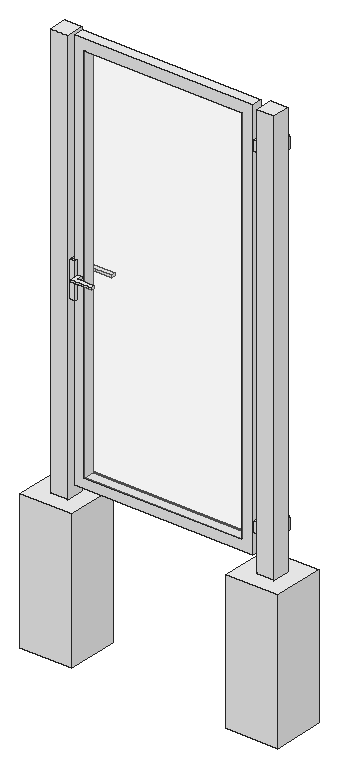
Revit family "NBS_BetafenceLimited_SStlGts_SecuriforSingleLeaf", category Doors, host Face, Revit 2017
Family settings
  Host = Face
  OmniClass Number = 23.11.25.15.17
  Cut with Voids When Loaded = No
  Shared = No
  Room Calculation Point = No
Parameters
  WidthOptions = "2000 mm, 3000 mm, 4000 mm, 5000 mm, 6000 mm, 7000 mm, 8000 mm"
  Width = 1300 mm
  WarrantyStartDate [instance] = "1900-12-31T23:59:59"
  WarrantyGuarantorParts = "n/a"
  WarrantyGuarantorLabor = "n/a"
  WarrantyDurationUnit = "year"
  WarrantyDurationParts = "n/a"
  WarrantyDurationLabor = "n/a"
  WarrantyDescription = "n/a"
  Version = "1"  # constant formula
  UpperHingeOffset = 180 mm
  Uniclass2015Version = "Products v1.6"
  Uniclass2015Title = "Stainless steel gates"
  Uniclass2015Code = "Pr_30_59_34_80"
  ThermalTransmittance = 0
  TagNumber [instance] = "n/a"
  SustainabilityPerformance = "n/a"
  SmokeStop = no
  Size = "To be taken from CAD"
  Shape = "n/a"
  SerialNumber [instance] = "n/a"
  SelfClosing = no
  SecurityRating = "n/a"
  SecurityLevel = "n/a"
  Revision = "n/a"
  ReplacementCost = "n/a"
  Reference = "n/a"
  ProductInformation = "//www.betafence.com/en/securifor-gates"
  Posts = "n/a"
  NominalWidth = Width - PostWidth * 2  # 1100 mm
  NominalLength = 0 mm
  NominalHeight = Height  # 2400 mm
  Name = "StainlessSteelGates_SecuriforDoubleLeaf_BetafenceLimited"
  NBSTypeID = "n/a"
  NBSReference = "45-25-35/313"
  NBSOfficeMasterTag = "n/a"
  NBSNote = "n/a"
  NBSDescription = "Stainless steel gates"
  NBSCertification = "www.nationalbimlibrary.com/cert/metsbjr0"
  ModelReference = "Securifor Double Leaf"
  ModelNumber = "n/a"
  Material = "Type S235 JRH class 1, in accordance with EN 10219-1"
  ManufacturerURL = "www.betafence.co.uk"
  ManufacturerName = "Betafence Limited"  # constant formula
  Manufacturer = "sales.sheffield@betafence.com"  # constant formula
  LowerHingeOffset = 170 mm
  LeafFrameThickness = 60 mm  # constant formula
  IsExternal = yes
  InstallationDate [instance] = "1900-12-31T23:59:59"
  Infiltration = 0
  IfcExportType = "GATE"  # constant formula
  IfcExportAs = "IfcDoorType"  # constant formula
  HeightOptions = "1000 mm, 1200 mm, 1500 mm, 1800 mm, 2000 mm, 2400 mm"
  HasFoundation [instance] = yes
  HardwareSecuring = "Gate latches and catches"
  HardwareOperating = "n/a"
  HardwareHinges = "n/a"
  HandicapAccessible = no
  Grade = "n/a"
  GlazingAreaFraction = 0
  GateLeaves = "n/a"
  FireRating = "n/a"
  FireExit = no
  FinishLayerThickness [instance] = 20 mm
  PostMountDepth = 750 mm
  PostLeafGap = 40 mm  # constant formula
  Operation = "DOUBLE_DOOR_SINGLE_SWING"
  LeafWidth [instance] = Width - PostWidth * 2 - 20 mm - PostLeafGap / 2  # 1060 mm
  LeafThickness = 60 mm
  LeafMaterial = NBS_BetafenceLimited_MtlMeshPnlFncngSym_Securifor358_Panel
  PostWidth = 100 mm  # constant formula
  PostThickness = 100 mm  # constant formula
  Height = 2400 mm
  Function = 1
  Frame/MullionMaterial = NBS_Concept
  FoundationWidth [instance] = 300 mm
  FoundationMaterial = NBS_Concept
  FoundationDepth [instance] = 800 mm
  Finish = "Polyester coating"
  Features = "n/a"
  ExpectedLife = "n/a"
  DurationUnit = "year"
  Diameter = 0 mm
  Description = "Swing gate"
  Default Elevation = 0 mm
  Construction Type = "HIGH_GRADE_STEEL"
  Constituents = "n/a"
  Color = "Green (RAL 6005), black (RAL 9005)"
  CodePerformance = "CE Marking"
  Category = "Pr_30_59_34_80: Stainless steel gates"
  BarCode [instance] = "n/a"
  BIMObjectName = "NBS_BetafenceLimited_StainlessSteelGates_SecuriforDoubleLeaf"
  Author = "NBS"  # constant formula
  AssetType = "Fixed"
  AssetIdentifier [instance] = "n/a"
  Applications = "n/a"
  AcousticRating = "n/a"
  AccessibilityPerformance = "n/a"
  AccessControl = "n/a"
Reference planes
  plane 1 "Center (Front/Back)": y = 0
  plane 2: z = 0
  plane 3 "Center (Left/Right)": x = 0
  plane 4: x = -650
  plane 5: x = 650
  plane 6: x = -550
  plane 7: x = 550
  plane 8: y = 50
  plane 9: y = -50
  plane 10: z = -750
  plane 11: z = 2400
  plane 12: z = 50
  plane 13: x = 510
  plane 14: y = 31
  plane 15: y = -29
  plane 16: z = -20
  plane 17: z = -820
  plane 18 "LatchPostCL": x = -600
  plane 19 "HingePostCL": x = 600
  plane 20: x = -750
  plane 21: x = -450
  plane 22: y = 150
  plane 23: y = -150
  plane 24: x = 750
  plane 25: x = 450
  plane 26: z = 1230
  plane 27: z = 1025
  plane 28: y = 1218
  plane 29: z = 2340
  plane 30: x = 450
  plane 31: z = 110
  plane 32: y = -42
  plane 33: x = 543
  plane 34: x = 571
  plane 35: x = 629
  plane 36: y = 78
  plane 37: y = 107
  plane 38: z = 170
  plane 39: z = 230
  plane 40: z = 2220
  plane 41: z = 2160
  plane 42: x = 537
  plane 43: z = 200
  plane 44: z = 2190
  plane 45: x = 552
  plane 46: x = 492
  plane 47: y = 158
  plane 48: y = -84
  plane 49: y = 86
  plane 50: y = -63
  plane 51: y = 65
  plane 52: x = -495
  plane 53: z = 1150
  plane 54: z = 1157
  plane 55: z = 1143
  plane 56: x = -484
  plane 57: x = -506
  plane 58: x = -387
  plane 59: x = -530
  plane 60: x = -470
  plane 61: x = -545
  plane 62: x = -516
  plane 63: y = 49
  plane 64: z = -167
  plane 65: z = 373
  plane 66: z = 348
  plane 67: y = -16
  plane 68: y = 62
  plane 69: x = -552
  plane 70: y = 1
  plane 71: y = 37
  plane 72: y = -35
  plane 73: x = 600
Forms (mm)
  Extrusion 1, solid, material "NBS_Concept" <- "Frame/MullionMaterial"
    sketch origin (0, 0, 0) x (1, 0, 0) y (0, 1, 0)
      loop
        line (-650, 50) -> (-650, -50) -> (-550, -50) -> (-550, 50) -> (-650, 50)
      loop
        line (550, 50) -> (550, -50) -> (650, -50) -> (650, 50) -> (550, 50)
    from -750 to 2400
  Extrusion 2, solid, material "NBS_Concept" <- "Frame/MullionMaterial", detail levels medium+fine
    sketch origin (0, 0, 0) x (1, 0, 0) y (0, 0, 1)
      loop
        line (-530, 2400) -> (-530, 50) -> (510, 50) -> (510, 2400) -> (-530, 2400)
      loop
        line (-470, 110) -> (450, 110) -> (450, 2340) -> (-470, 2340) -> (-470, 110)
    from -31 to 29
  Extrusion 3, void
    sketch origin (0, 0, 0) x (1, 0, 0) y (0, 1, 0)
      loop
        line (-650, 50) -> (-650, -50) -> (-550, -50) -> (-550, 50) -> (-650, 50)
      loop
        line (550, 50) -> (550, -50) -> (650, -50) -> (650, 50) -> (550, 50)
    from -750 to 0
  Extrusion 4, void
    sketch origin (0, 0, 0) x (1, 0, 0) y (0, 1, 0)
      loop
        line (-750, 150) -> (-750, -150) -> (-450, -150) -> (-450, 150) -> (-750, 150)
      loop
        line (450, 150) -> (450, -150) -> (750, -150) -> (750, 150) -> (450, 150)
    from -820 to -20
  Extrusion 5, solid, material "NBS_Concept" <- "FoundationMaterial", visible <- "HasFoundation"
    sketch origin (0, 0, 0) x (1, 0, 0) y (0, 1, 0)
      loop
        line (-750, 150) -> (-750, -150) -> (-450, -150) -> (-450, 150) -> (-750, 150)
      loop
        line (450, 150) -> (450, -150) -> (750, -150) -> (750, 150) -> (450, 150)
    from -820 to -20
  Extrusion 6, solid, material "NBS_BetafenceLimited_MtlMeshPnlFncngSym_Securifor358_Panel" <- "LeafMaterial", detail levels coarse
    sketch origin (0, 0, 0) x (1, 0, 0) y (0, 0, 1)
      loop
        line (-530, 2400) -> (-530, 50) -> (510, 50) -> (510, 2400) -> (-530, 2400)
    from -31 to 29
  Extrusion 7, solid, material "NBS_Concept" <- "Frame/MullionMaterial", detail levels medium+fine
    sketch origin (0, 0, 0) x (1, 0, 0) y (0, 1, 0)
      loop
        line (510, 31) -> (510, -29) -> (543, -29) -> (543, 107) -> (537, 107) -> (510, 31)
    from 170 to 230
  Extrusion 8, solid, material "NBS_Concept" <- "Frame/MullionMaterial", detail levels medium+fine
    sketch origin (0, 0, 0) x (1, 0, 0) y (0, 1, 0)
      loop
        line (537, 107) -> (510, 31) -> (510, -29) -> (543, -29) -> (543, 107) -> (537, 107)
    from 2160 to 2220
  Extrusion 9, solid, material "NBS_Concept" <- "Frame/MullionMaterial", detail levels medium+fine
    sketch origin (0, 0, 0) x (0, 1, 0) y (0, 0, 1)
      loop
        circle (78, 200) r 8
    from 510 to 600
  Extrusion 10, solid, material "NBS_Concept" <- "Frame/MullionMaterial", detail levels medium+fine
    sketch origin (0, 0, 0) x (0, 1, 0) y (0, 0, 1)
      loop
        circle (78, 2190) r 8
    from 510 to 600
  Extrusion 11, solid, material "NBS_Concept" <- "Frame/MullionMaterial", detail levels medium+fine
    sketch origin (0, 0, 0) x (1, 0, 0) y (0, 1, 0)
      loop
        line (-484, -63) -> (-484, 65) -> (-387, 65) -> (-387, 86) -> (-506, 86) -> (-506, -84) -> (-387, -84) -> (-387, -63) -> (-484, -63)
    from 1143 to 1157
  Extrusion 12, solid, material "NBS_Concept" <- "Frame/MullionMaterial", detail levels medium+fine
    sketch origin (0, 0, 0) x (1, 0, 0) y (0, 1, 0)
      loop
        line (-545, 31) -> (-550, 31) -> (-550, -42) -> (-516, -42) -> (-516, -29) -> (-545, -29) -> (-545, 31)
    from 1025 to 1230
  Extrusion 13, solid, material "NBS_BetafenceLimited_MtlMeshPnlFncngSym_Securifor358_Panel" <- "LeafMaterial", detail levels medium+fine
    sketch origin (0, 0, 0) x (1, 0, 0) y (0, 0, 1)
      loop
        line (450, 2340) -> (-470, 2340) -> (-470, 110) -> (450, 110) -> (450, 2340)
    from -37 to 35
  Extrusion 14, solid, material "NBS_Concept" <- "Frame/MullionMaterial", detail levels medium
    sketch origin (0, 0, 0) x (1, 0, 0) y (0, 1, 0)
      loop
        line (571, 107) -> (571, 50) -> (629, 50) -> (629, 107) -> (571, 107)
    from 170 to 230
  Extrusion 15, solid, material "NBS_Concept" <- "Frame/MullionMaterial", detail levels medium
    sketch origin (0, 0, 0) x (1, 0, 0) y (0, 1, 0)
      loop
        line (571, 107) -> (571, 50) -> (629, 50) -> (629, 107) -> (571, 107)
    from 2160 to 2220
  Extrusion 16, solid, material "NBS_Concept" <- "Frame/MullionMaterial", detail levels fine
    sketch origin (0, 0, 0) x (1, 0, 0) y (0, 1, 0)
      loop
        line (571, 50) -> (629, 50) -> (629, 78)
        arc (629, 78) -> (600, 107) -> (571, 78) r 29
        line (571, 78) -> (571, 50)
    from 170 to 230
  Extrusion 17, solid, material "NBS_Concept" <- "Frame/MullionMaterial", detail levels fine
    sketch origin (0, 0, 0) x (1, 0, 0) y (0, 1, 0)
      loop
        line (571, 50) -> (629, 50) -> (629, 78)
        arc (629, 78) -> (600, 107) -> (571, 78) r 29
        line (571, 78) -> (571, 50)
    from 2160 to 2220
Cuts and joins
  Extrusion 3 cuts Extrusion 5
Lines and regions (mm)
  symbolic lines, style "DoorsPanelProjection", detail levels medium+fine
    curve 1: line (552, 1218, 0) -> (552, 158, 0)
    curve 2: line (552, 1218, 0) -> (492, 1218, 0)
    curve 3: line (492, 1218, 0) -> (492, 158, 0)
    curve 4: line (492, 158, 0) -> (552, 158, 0)
  symbolic lines, style "Plan Swing", detail levels medium+fine
    curve 5: arc (-530, 31, 0) -> (-280.969, 850.054, 0) -> (492, 1218, 0) r 1060
  symbolic lines, style "Plan Swing", detail levels coarse
    curve 6: arc (600, 1218, 0) -> (-215.941, 874.141, 0) -> (-539.656, 50, 0) r 1140
  symbolic lines, style "DoorsPanelProjection", detail levels coarse
    curve 7: line (600, 1218, 0) -> (600, 50, 0)
Dimensions and locks
  equal spacing: plane 8, plane 1 "Center (Front/Back)", plane 9
  "PostThickness": plane 8 to plane 9
  "PostMountDepth": plane 2 to plane 10
  "Height": plane 11 to plane 2
  "PostLeafGap": plane 7 to plane 13
  "PostWidth": plane 6 to plane 4
  "PostWidth": plane 7 to plane 5
  "Width": plane 5 to plane 4
  equal spacing: plane 5, plane 3 "Center (Left/Right)", plane 4
  "LeafThickness": plane 14 to plane 15
  equal spacing: plane 6, plane 18 "LatchPostCL", plane 4
  equal spacing: plane 7, plane 19 "HingePostCL", plane 5
  "FinishLayerThickness": plane 2 to plane 16
  equal spacing: plane 20, plane 18 "LatchPostCL", plane 21
  "FoundationWidth": plane 20 to plane 21
  equal spacing: plane 22, plane 1 "Center (Front/Back)", plane 23
  "FoundationWidth": plane 22 to plane 23
  plane 25 to plane 19 "HingePostCL" to plane 24 = 150 mm, 150 mm
  "FoundationWidth": plane 25 to plane 24
  "FoundationDepth": plane 16 to plane 17
  locked: plane 26 to plane 27 at 205
  locked: plane 26 to plane 12 at 1180
  "LeafWidth": plane 47 to plane 28
  "LeafFrameThickness": plane 13 to plane 30
  "LeafFrameThickness": plane 11 to plane 29
  "LeafFrameThickness": plane 31 to plane 12
  locked: plane 15 to plane 32 at 13
  locked: plane 13 to plane 33 at 33
  locked: plane 36 to plane 8 at 28
  locked: plane 37 to plane 8 at 57
  "LowerHingeOffset": plane 38 to plane 2
  plane 39 to plane 38 = 60 mm
  "UpperHingeOffset": plane 11 to plane 40
  locked: plane 40 to plane 41 at 60
  locked: plane 42 to plane 33 at 6
  equal spacing: plane 40, plane 44, plane 41
  equal spacing: plane 39, plane 43, plane 38
  locked: plane 45 to plane 19 "HingePostCL" at 48
  "LeafThickness": plane 46 to plane 45
  locked: plane 47 to plane 36 at 80
  locked: plane 15 to plane 48 at 55
  locked: plane 14 to plane 49 at 55
  locked: plane 50 to plane 48 at 21
  locked: plane 49 to plane 51 at 21
  equal spacing: plane 57, plane 52, plane 56, locked at 11 each
  locked: plane 57 to plane 56 at 22
  locked: plane 52 to plane 58 at 108
  locked: plane 59 to plane 6 at 20
  "LeafFrameThickness": plane 60 to plane 59
  locked: plane 14 to plane 63 at 18
  locked: plane 2 to plane 64 at 167
  locked: plane 63 to plane 67 at 65
  locked: plane 68 to plane 63 at 13
  locked: plane 18 "LatchPostCL" to plane 69 at 48
  plane 1 "Center (Front/Back)" to plane 70 = 1 mm
  equal spacing: plane 14, plane 70, plane 15
  equal spacing: plane 71, plane 70, plane 72
  plane 71 to plane 72 = 72 mm
  locked: plane 7 to plane 73 at 50
  plane 34 to plane 73 to plane 35 = 29 mm locked, 29 mm locked
  plane 34 to plane 35 = 58 mm
  locked: plane 6 to plane 61 at 5
  locked: plane 61 to plane 62 at 29
  locked: plane 52 to plane 6 at 55
  "LeafWidth": radius of curve 5
  aligned and locked: plane 2 to host face
  aligned and locked: level to host face
  aligned and locked: Extrusion 1 sketch curve to plane 8  (x2)
  aligned and locked: plane 4 to Extrusion 1 sketch curve
  aligned and locked: plane 9 to Extrusion 1 sketch curve  (x2)
  aligned and locked: Extrusion 1 sketch curve to plane 6
  aligned and locked: Extrusion 1 sketch curve to plane 7
  aligned and locked: plane 5 to Extrusion 1 sketch curve
  aligned and locked: plane 10 to Extrusion 1
  aligned and locked: Extrusion 1 to plane 11
  aligned and locked: plane 11 to Extrusion 2 sketch curve
  aligned and locked: plane 12 to Extrusion 2 sketch curve
  aligned and locked: Extrusion 2 sketch curve to plane 13
  aligned and locked: Extrusion 2 to plane 14
  aligned and locked: Extrusion 2 to plane 15
  aligned and locked: Extrusion 3 sketch curve to Extrusion 1  (x8)
  aligned and locked: plane 10 to Extrusion 3
  aligned and locked: plane 2 to Extrusion 3
  aligned and locked: Extrusion 4 sketch curve to plane 22  (x2)
  aligned and locked: plane 20 to Extrusion 4 sketch curve
  aligned and locked: plane 23 to Extrusion 4 sketch curve  (x2)
  aligned and locked: plane 21 to Extrusion 4 sketch curve
  aligned and locked: plane 25 to Extrusion 4 sketch curve
  aligned and locked: plane 24 to Extrusion 4 sketch curve
  aligned and locked: Extrusion 4 to plane 16
  aligned and locked: plane 17 to Extrusion 4
  aligned and locked: Extrusion 5 sketch curve to plane 22  (x2)
  aligned and locked: plane 20 to Extrusion 5 sketch curve
  aligned and locked: plane 23 to Extrusion 5 sketch curve  (x2)
  aligned and locked: plane 21 to Extrusion 5 sketch curve
  aligned and locked: plane 25 to Extrusion 5 sketch curve
  aligned and locked: plane 24 to Extrusion 5 sketch curve
  aligned and locked: plane 17 to Extrusion 5
  aligned and locked: Extrusion 5 to plane 16
  aligned and locked: Extrusion 6 sketch curve to Extrusion 2  (x3)
  aligned and locked: Extrusion 6 to plane 14
  aligned and locked: Extrusion 6 to plane 15
  aligned and locked: Extrusion 2 sketch curve to plane 29
  aligned and locked: plane 30 to Extrusion 2 sketch curve
  aligned and locked: Extrusion 2 sketch curve to plane 31
  aligned and locked: Extrusion 7 sketch curve to plane 13
  aligned and locked: plane 15 to Extrusion 7 sketch curve
  aligned and locked: Extrusion 7 sketch curve to plane 33
  aligned and locked: Extrusion 7 sketch curve to plane 37
  aligned and locked: Extrusion 7 to plane 38
  aligned and locked: plane 39 to Extrusion 7
  aligned and locked: Extrusion 8 sketch curve to plane 37
  aligned and locked: Extrusion 8 sketch curve to plane 33
  aligned and locked: plane 15 to Extrusion 8 sketch curve
  aligned and locked: Extrusion 8 sketch curve to plane 13
  aligned and locked: Extrusion 8 to plane 41
  aligned and locked: plane 40 to Extrusion 8
  aligned and locked: Extrusion 9 to plane 13
  aligned and locked: Extrusion 10 to plane 13
  aligned and locked: plane 47 to curve 4
  aligned and locked: Extrusion 11 sketch curve to plane 50
  aligned and locked: Extrusion 11 sketch curve to plane 58  (x2)
  aligned and locked: Extrusion 11 sketch curve to plane 48
  aligned and locked: Extrusion 11 sketch curve to plane 57
  aligned and locked: Extrusion 11 sketch curve to plane 56
  aligned and locked: Extrusion 11 sketch curve to plane 51
  aligned and locked: Extrusion 11 sketch curve to plane 49
  aligned and locked: Extrusion 11 to plane 55
  aligned and locked: plane 54 to Extrusion 11
  aligned and locked: Extrusion 12 sketch curve to plane 14
  aligned and locked: Extrusion 12 sketch curve to plane 32
  aligned and locked: Extrusion 12 sketch curve to plane 61
  aligned and locked: Extrusion 12 sketch curve to plane 62
  aligned and locked: plane 15 to Extrusion 12 sketch curve
  aligned and locked: curve 2 to plane 28
  aligned and locked: plane 27 to Extrusion 12
  aligned and locked: Extrusion 12 to plane 26
  aligned and locked: Extrusion 13 sketch curve to plane 29
  aligned and locked: Extrusion 13 sketch curve to plane 30
  aligned and locked: plane 71 to Extrusion 13
  aligned and locked: Extrusion 13 to plane 72
  aligned and locked: curve 2 to plane 45
  aligned and locked: plane 73 to Extrusion 9
  aligned and locked: plane 73 to Extrusion 10
  aligned and locked: plane 59 to Extrusion 6 sketch curve
  aligned and locked: plane 59 to Extrusion 2 sketch curve
  aligned and locked: Extrusion 2 sketch curve to plane 60
  aligned and locked: Extrusion 13 sketch curve to plane 60
  aligned and locked: Extrusion 12 sketch curve to plane 6
  aligned and locked: curve 3 to plane 46
  aligned and locked: plane 14 to curve 5
  aligned and locked: plane 59 to curve 5
  aligned and locked: Extrusion 14 sketch curve to plane 37
  aligned and locked: Extrusion 14 sketch curve to plane 34
  aligned and locked: Extrusion 14 sketch curve to plane 35
  aligned and locked: Extrusion 14 sketch curve to plane 8
  aligned and locked: Extrusion 14 to plane 38
  aligned and locked: plane 39 to Extrusion 14
  aligned and locked: Extrusion 15 sketch curve to plane 34
  aligned and locked: Extrusion 15 sketch curve to plane 35
  aligned and locked: Extrusion 15 sketch curve to plane 37
  aligned and locked: Extrusion 15 sketch curve to plane 8
  aligned and locked: Extrusion 15 to plane 41
  aligned and locked: plane 40 to Extrusion 15
  aligned and locked: Extrusion 16 sketch curve to plane 8
  aligned and locked: Extrusion 16 sketch curve to plane 35
  aligned and locked: Extrusion 16 sketch curve to plane 34
  aligned and locked: Extrusion 16 to plane 38
  aligned and locked: plane 39 to Extrusion 16
  aligned and locked: Extrusion 17 sketch curve to plane 8
  aligned and locked: Extrusion 17 sketch curve to plane 35
  aligned and locked: Extrusion 17 sketch curve to plane 34
  aligned and locked: plane 36 to Extrusion 17 sketch curve
  aligned and locked: Extrusion 17 to plane 41
  aligned and locked: plane 40 to Extrusion 17
  aligned and locked: plane 8 to curve 6
  aligned and locked: plane 28 to curve 6
  aligned and locked: plane 73 to curve 6  (x2)
  aligned and locked: plane 36 to curve 6
  aligned and locked: plane 8 to curve 7
Automatic sketch dimensions
  host sketch curve to host sketch curve = 2768.457 mm
  host sketch curve to host sketch curve = 2438.4 mm
  Extrusion 5 sketch curve to plane 23 = 0 mm
  Extrusion 7 sketch curve to plane 42 = 0 mm
  plane 14 to Extrusion 7 sketch curve = 0 mm
  Extrusion 8 sketch curve to plane 42 = 0 mm
  plane 14 to Extrusion 8 sketch curve = 0 mm
  Extrusion 9 sketch curve to plane 36 = 0 mm
  plane 43 to Extrusion 9 sketch curve = 0 mm
  Extrusion 10 sketch curve to plane 36 = 0 mm
  plane 44 to Extrusion 10 sketch curve = 0 mm
  Extrusion 13 sketch curve to plane 31 = 0 mm
  Extrusion 16 sketch curve to plane 36 = 0 mm
  radius of Extrusion 9 sketch curve = 8 mm
  radius of Extrusion 10 sketch curve = 8 mm
